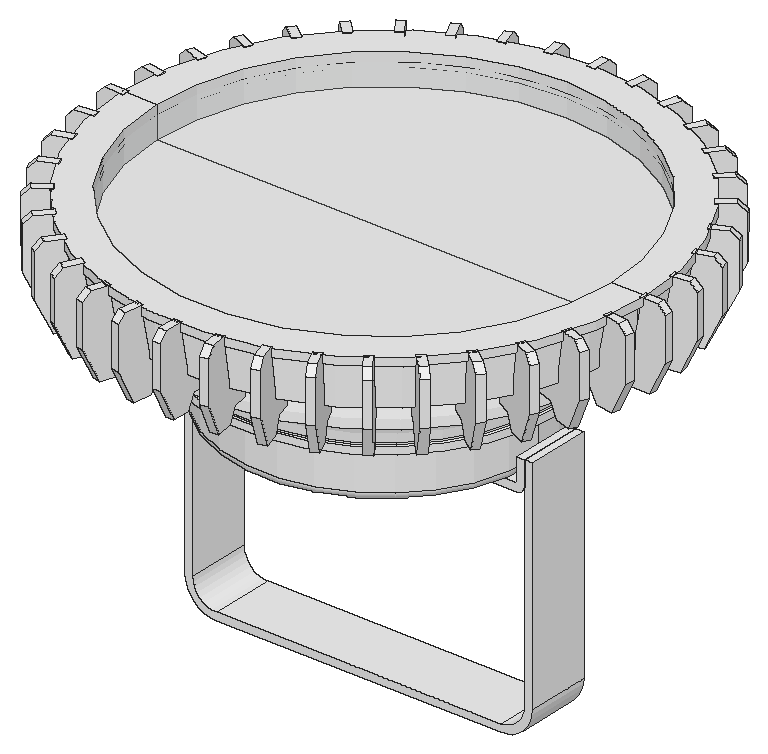
Revit family "HBLH", category Lighting Fixtures, host Face, Revit 2021 (continued)
Definition of nested family "KHL"
  Automatic sketch dimensions
    Extrusion 32 sketch curve to Extrusion 32 sketch curve = 0.57179"
    Extrusion 32 sketch curve to Extrusion 32 sketch curve = 0.43301"
    Extrusion 32 sketch curve to Extrusion 32 sketch curve = 1.02515"
    Extrusion 32 sketch curve to Extrusion 32 sketch curve = 0.80901"
    Extrusion 32 sketch curve to Extrusion 32 sketch curve = 0.99442"
    Extrusion 32 sketch curve to Extrusion 32 sketch curve = 0.15753"
    Extrusion 33 sketch curve to Extrusion 33 sketch curve = 0.50721"
    Extrusion 33 sketch curve to Extrusion 33 sketch curve = 0.250"  (x3)
    Extrusion 33 sketch curve to Extrusion 33 sketch curve = 0.80078"
    Extrusion 33 sketch curve to Extrusion 33 sketch curve = 0.19714"
    Extrusion 33 sketch curve to Extrusion 33 sketch curve = 0.5625"
    Extrusion 33 sketch curve to Extrusion 33 sketch curve = 0.57179"
    Extrusion 33 sketch curve to Extrusion 33 sketch curve = 0.43301"
    Extrusion 33 sketch curve to Extrusion 33 sketch curve = 1.02515"
    Extrusion 33 sketch curve to Extrusion 33 sketch curve = 0.80901"
    Extrusion 33 sketch curve to Extrusion 33 sketch curve = 0.99442"
    Extrusion 33 sketch curve to Extrusion 33 sketch curve = 0.15753"
    Extrusion 34 sketch curve to Extrusion 34 sketch curve = 0.50721"
    Extrusion 34 sketch curve to Extrusion 34 sketch curve = 0.250"  (x3)
    Extrusion 34 sketch curve to Extrusion 34 sketch curve = 0.80078"
    Extrusion 34 sketch curve to Extrusion 34 sketch curve = 0.19714"
    Extrusion 34 sketch curve to Extrusion 34 sketch curve = 0.5625"
    Extrusion 34 sketch curve to Extrusion 34 sketch curve = 0.57179"
    Extrusion 34 sketch curve to Extrusion 34 sketch curve = 0.43301"
    Extrusion 34 sketch curve to Extrusion 34 sketch curve = 1.02515"
    Extrusion 34 sketch curve to Extrusion 34 sketch curve = 0.80901"
    Extrusion 34 sketch curve to Extrusion 34 sketch curve = 0.99442"
    Extrusion 34 sketch curve to Extrusion 34 sketch curve = 0.15753"
    Extrusion 35 sketch curve to Extrusion 35 sketch curve = 0.50721"
    Extrusion 35 sketch curve to Extrusion 35 sketch curve = 0.250"  (x3)
    Extrusion 35 sketch curve to Extrusion 35 sketch curve = 0.80078"
    Extrusion 35 sketch curve to Extrusion 35 sketch curve = 0.19714"
    Extrusion 35 sketch curve to Extrusion 35 sketch curve = 0.5625"
    Extrusion 35 sketch curve to Extrusion 35 sketch curve = 0.57179"
    Extrusion 35 sketch curve to Extrusion 35 sketch curve = 0.43301"
    Extrusion 35 sketch curve to Extrusion 35 sketch curve = 1.02515"
    Extrusion 35 sketch curve to Extrusion 35 sketch curve = 0.80901"
    Extrusion 35 sketch curve to Extrusion 35 sketch curve = 0.99442"
    Extrusion 35 sketch curve to Extrusion 35 sketch curve = 0.15753"
    Extrusion 36 sketch curve to Extrusion 36 sketch curve = 0.50721"
    Extrusion 36 sketch curve to Extrusion 36 sketch curve = 0.250"  (x3)
    Extrusion 36 sketch curve to Extrusion 36 sketch curve = 0.80078"
    Extrusion 36 sketch curve to Extrusion 36 sketch curve = 0.19714"
    Extrusion 36 sketch curve to Extrusion 36 sketch curve = 0.5625"
    Extrusion 36 sketch curve to Extrusion 36 sketch curve = 0.57179"
    Extrusion 36 sketch curve to Extrusion 36 sketch curve = 0.43301"
    Extrusion 36 sketch curve to Extrusion 36 sketch curve = 1.02515"
    Extrusion 36 sketch curve to Extrusion 36 sketch curve = 0.80901"
    Extrusion 36 sketch curve to Extrusion 36 sketch curve = 0.99442"
    Extrusion 36 sketch curve to Extrusion 36 sketch curve = 0.15753"
    Extrusion 37 sketch curve to Extrusion 37 sketch curve = 0.50721"
    Extrusion 37 sketch curve to Extrusion 37 sketch curve = 0.250"  (x3)
    Extrusion 37 sketch curve to Extrusion 37 sketch curve = 0.80078"
    Extrusion 37 sketch curve to Extrusion 37 sketch curve = 0.19714"
    Extrusion 37 sketch curve to Extrusion 37 sketch curve = 0.5625"
    Extrusion 37 sketch curve to Extrusion 37 sketch curve = 0.57179"
    Extrusion 37 sketch curve to Extrusion 37 sketch curve = 0.43301"
    Extrusion 37 sketch curve to Extrusion 37 sketch curve = 1.02515"
    Extrusion 37 sketch curve to Extrusion 37 sketch curve = 0.80901"
    Extrusion 37 sketch curve to Extrusion 37 sketch curve = 0.99442"
    Extrusion 37 sketch curve to Extrusion 37 sketch curve = 0.15753"
    Extrusion 38 sketch curve to Extrusion 38 sketch curve = 0.50721"
    Extrusion 38 sketch curve to Extrusion 38 sketch curve = 0.250"  (x3)
    Extrusion 38 sketch curve to Extrusion 38 sketch curve = 0.80078"
    Extrusion 38 sketch curve to Extrusion 38 sketch curve = 0.19714"
    Extrusion 38 sketch curve to Extrusion 38 sketch curve = 0.5625"
    Extrusion 38 sketch curve to Extrusion 38 sketch curve = 0.57179"
    Extrusion 38 sketch curve to Extrusion 38 sketch curve = 0.43301"
    Extrusion 38 sketch curve to Extrusion 38 sketch curve = 1.02515"
    Extrusion 38 sketch curve to Extrusion 38 sketch curve = 0.80901"
    Extrusion 38 sketch curve to Extrusion 38 sketch curve = 0.99442"
    Extrusion 38 sketch curve to Extrusion 38 sketch curve = 0.15753"
    Extrusion 39 sketch curve to Extrusion 39 sketch curve = 0.50721"
    Extrusion 39 sketch curve to Extrusion 39 sketch curve = 0.250"  (x3)
    Extrusion 39 sketch curve to Extrusion 39 sketch curve = 0.80078"
    Extrusion 39 sketch curve to Extrusion 39 sketch curve = 0.19714"
    Extrusion 39 sketch curve to Extrusion 39 sketch curve = 0.5625"
    Extrusion 39 sketch curve to Extrusion 39 sketch curve = 0.57179"
    Extrusion 39 sketch curve to Extrusion 39 sketch curve = 0.43301"
    Extrusion 39 sketch curve to Extrusion 39 sketch curve = 1.02515"
    Extrusion 39 sketch curve to Extrusion 39 sketch curve = 0.80901"
    Extrusion 39 sketch curve to Extrusion 39 sketch curve = 0.99442"
    Extrusion 39 sketch curve to Extrusion 39 sketch curve = 0.15753"
    Extrusion 40 sketch curve to Extrusion 40 sketch curve = 0.50721"
    Extrusion 40 sketch curve to Extrusion 40 sketch curve = 0.250"  (x3)
    Extrusion 40 sketch curve to Extrusion 40 sketch curve = 0.80078"
    Extrusion 40 sketch curve to Extrusion 40 sketch curve = 0.19714"
    Extrusion 40 sketch curve to Extrusion 40 sketch curve = 0.5625"
    Extrusion 40 sketch curve to Extrusion 40 sketch curve = 0.57179"
    Extrusion 40 sketch curve to Extrusion 40 sketch curve = 0.43301"
    Extrusion 40 sketch curve to Extrusion 40 sketch curve = 1.02515"
    Extrusion 40 sketch curve to Extrusion 40 sketch curve = 0.80901"
    Extrusion 40 sketch curve to Extrusion 40 sketch curve = 0.99442"
    Extrusion 40 sketch curve to Extrusion 40 sketch curve = 0.15753"
    Extrusion 41 sketch curve to Extrusion 41 sketch curve = 0.50721"
    Extrusion 41 sketch curve to Extrusion 41 sketch curve = 0.250"  (x3)
    Extrusion 41 sketch curve to Extrusion 41 sketch curve = 0.80078"
    Extrusion 41 sketch curve to Extrusion 41 sketch curve = 0.19714"
    Extrusion 41 sketch curve to Extrusion 41 sketch curve = 0.5625"
    Extrusion 41 sketch curve to Extrusion 41 sketch curve = 0.57179"
    Extrusion 41 sketch curve to Extrusion 41 sketch curve = 0.43301"
    Extrusion 41 sketch curve to Extrusion 41 sketch curve = 1.02515"
    Extrusion 41 sketch curve to Extrusion 41 sketch curve = 0.80901"
    Extrusion 41 sketch curve to Extrusion 41 sketch curve = 0.99442"
    Extrusion 41 sketch curve to Extrusion 41 sketch curve = 0.15753"
    Extrusion 42 sketch curve to Extrusion 42 sketch curve = 0.50721"
    Extrusion 42 sketch curve to Extrusion 42 sketch curve = 0.250"  (x3)
    Extrusion 42 sketch curve to Extrusion 42 sketch curve = 0.80078"
    Extrusion 42 sketch curve to Extrusion 42 sketch curve = 0.19714"
    Extrusion 42 sketch curve to Extrusion 42 sketch curve = 0.5625"
    Extrusion 42 sketch curve to Extrusion 42 sketch curve = 0.57179"
    Extrusion 42 sketch curve to Extrusion 42 sketch curve = 0.43301"
    Extrusion 42 sketch curve to Extrusion 42 sketch curve = 1.02515"
    Extrusion 42 sketch curve to Extrusion 42 sketch curve = 0.80901"
    Extrusion 42 sketch curve to Extrusion 42 sketch curve = 0.99442"
    Extrusion 42 sketch curve to Extrusion 42 sketch curve = 0.15753"
    Extrusion 43 sketch curve to Extrusion 43 sketch curve = 0.50721"
    Extrusion 43 sketch curve to Extrusion 43 sketch curve = 0.250"  (x3)
    Extrusion 43 sketch curve to Extrusion 43 sketch curve = 0.80078"
    Extrusion 43 sketch curve to Extrusion 43 sketch curve = 0.19714"
    Extrusion 43 sketch curve to Extrusion 43 sketch curve = 0.5625"
    Extrusion 43 sketch curve to Extrusion 43 sketch curve = 0.57179"
    Extrusion 43 sketch curve to Extrusion 43 sketch curve = 0.43301"
    Extrusion 43 sketch curve to Extrusion 43 sketch curve = 1.02515"
    Extrusion 43 sketch curve to Extrusion 43 sketch curve = 0.80901"
    Extrusion 43 sketch curve to Extrusion 43 sketch curve = 0.99442"
    Extrusion 43 sketch curve to Extrusion 43 sketch curve = 0.15753"
    Revolve 2 sketch curve to plane 3 "Center (Left/Right)" = 0.000"  (x2)
    plane 8 to Revolve 2 sketch curve = 0.000"
    Revolve 2 sketch curve to plane 4 = 0.000"
    level to Revolve 2 sketch curve = 0.250"
    plane 8 to Revolve 2 sketch curve = 0.875"
    Revolve 2 sketch curve to Revolve 2 sketch curve = 0.18132"
    Revolve 2 sketch curve to plane 8 = 0.10927"
    Revolve 2 sketch curve to plane 8 = 0.32044"
    plane 6 to Revolve 2 sketch curve = 0.41781"
    plane 6 to Revolve 2 sketch curve = 0.4026"
    plane 6 to Revolve 2 sketch curve = 0.04698"
    plane 6 to Revolve 2 sketch curve = 0.01615"
    Revolve 2 sketch curve to plane 4 = 0.25493"
    Revolve 2 sketch curve to plane 6 = 0.78125"
    Revolve 2 sketch curve to Revolve 2 sketch curve = 0.250"
    Revolve 2 sketch curve to Revolve 2 sketch curve = 0.22746"
    Revolve 2 sketch curve to Revolve 2 sketch curve = 0.05014"
    Revolve 2 sketch curve to Revolve 2 sketch curve = 0.07308"
    Revolve 2 sketch curve to Revolve 2 sketch curve = 0.56496"
    Revolve 2 sketch curve to level = 4.500"
    plane 4 to Revolve 2 sketch curve = 2.500"
